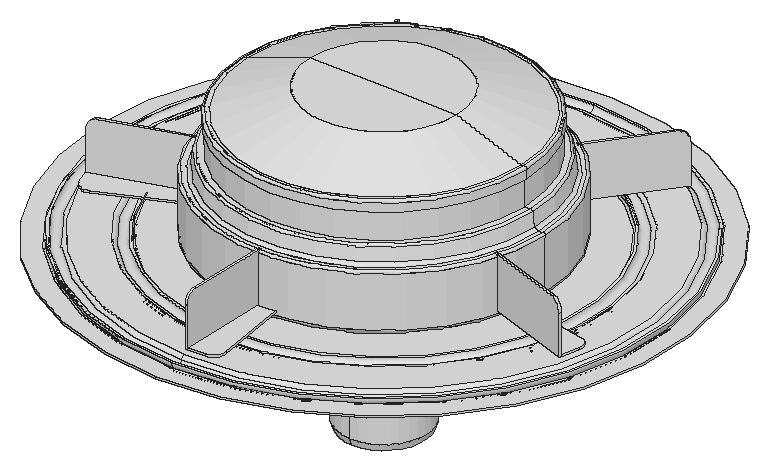
Revit family "Blucher_PlumbingFixture_GravityRoofDrain_408.101a", category Plumbing Fixtures, host Face, Revit 2017
Family settings
  Host = Face
  Round Connector Dimension = Use Diameter
  Part Type = Normal
  OmniClass Number = 23.70.50.21.24
  OmniClass Title = Waste Water Drains
  Cut with Voids When Loaded = No
  Shared = No
  Room Calculation Point = No
Parameters (values of type "75mm")
  _BSBibleVersion = 15
  _DistributedBy = "www.bimstore.co.uk"
  _CurrentRevision = 2
  _CreatedBy = "www.bimstore.co.uk"
  _BimSpecGuid = 0
  _Author = "Ian Holmes"
  WarrantyStartDate [instance] = "Please record on commissioning."
  WarrantyGuarantorParts = "mail@blucher.com"
  WarrantyGuarantorLabor = "n/a"
  WarrantyDurationUnit = "Years"
  WarrantyDurationParts = "n/a"
  WarrantyDurationLabor = "n/a"
  WarrantyDescription = "n/a"
  URL = "http://www.blucher.com/"
  TypeName = Type Comments  # "408.101.075"
  Type Comments = "408.101.075"
  PressureDrop [instance] = 0.0 Pa
  H1 = 117 mm
  H = if(D = 75 mm, 153 mm + H1, if(D = 110 mm, 162 mm + H1, if(D = 125 mm, 172.5 mm + H1, if(D = 160 mm, 184 mm + H1, if(D = 120 mm, 184 mm + H1, 184 mm + H1)))))  # 270 mm
  Flow_Sewer [instance] = 10.8 L/s
  Flow [instance] = 10.8 L/s
  DrainMaterial = Blucher_Stainless Steel
  Description = " "
  SpareParts = "n/a"
  Size = "506mm x 506mm x 75mm"
  Shape = "Rectangular"
  SerialNumber [instance] = "Please record on commissioning."
  ReplacementCost = "n/a"
  ReferencedStandard = "EN1253"
  ProductionYear = "2019"
  NominalLength = 506 mm
  NominalHeight = H  # 270 mm
  NominalDepth = 506 mm
  NBSReference = "90-10-20/302"
  NBSOfficeMasterTag = "n/a"
  NBSObjectName = "BLÜCHER - Gravity rainwater outlets"
  NBSNote = ""
  NBSDescription = "Gravity rainwater outlets"
  ModelReference = Model  # "BLÜCHER Gravity Roof Drain"
  ModelNumber [instance] = "n/a"
  Model = "BLÜCHER Gravity Roof Drain"
  Material = "Available in Stainless Steel AISI 304 & Stainless Steel AISI 316L"
  ManufacturerName = "BLÜCHER"
  Manufacturer = "BLÜCHER"
  Keynote = "R10"
  InstallationDate [instance] = "Please record on commissioning."
  IfcExportType = "IfcWasteTerminalTypeEnum.FLOORWASTE"
  IfcExportAs = "IfcFlowTerminal"
  Grade = "AISI 304/EN 1.4301 or AISI 316L/EN 1.4404"
  Finish = "2B - Pickled"
  Features = "n/a"
  ExpectedLife = 50
  DurationUnit = "Years"
  DocumentationTechnical = "https://www.bimstore.co/products/gravity-roof-drain-408-101/document/technical-data-sheet"
  DocumentationMaintenance = "https://www.bimstore.co/products/gravity-roof-drain-408-101/document/maintenance-information"
  DocumentationLiterature = "https://www.bimstore.co/products/gravity-roof-drain-408-101/document/product-literature"
  DocumentationInstallationGuide = "https://www.bimstore.co/products/gravity-roof-drain-408-101/document/installation-guide"
  DocumentationCertificates = "https://www.bimstore.co/products/gravity-roof-drain-408-101/document/product-certificates"
  Default Elevation = 1219.2 mm
  D = 75 mm
  CreatedOn = "2019-03-27-T09:00:00"
  CreatedBy = "mail@blucher.com"
  Constituents = "n/a"
  Color = "Stainless Steel"
  CodePerformance = "n/a"
  ClassificationValue = "Pr_65_50_35_37"
  ClassificationName = "Uniclass2015"
  BarCode [instance] = "Please record on commissioning."
  BIMObjectName = "Blucher_PlumbingFixture_GravityRoofDrain_408.101"
  AssetType = "Fixed"
  AssetIdentifier [instance] = "Please record on commissioning."
  Assembly Code = "D2040200"
  AccessibilityPerformance = "n/a"
Types (5, lengths in mm): name | _CurrentRevision | TypeName | Type Comments | H | Flow_Sewer | Flow | Size | NominalHeight | D
  (no name) | 2 | "408.101.075" | "408.101.075" | 270 | 10.8 L/s | 10.8 L/s | "506mm x 506mm x 75mm" | 270 | 75
  125mm | 1 | "408.101.125" | "408.101.125" | 289.5 | 14.1 L/s | 14.1 L/s | "506mm x 506mm x 125mm" | 289.5 | 125
  160mm | 1 | "408.101.160" | "408.101.160" | 301 | 14.1 L/s | 14.1 L/s | "506mm x 506mm x 160mm" | 301 | 160
  110mm | 1 | "408.101.110" | "408.101.110" | 279 | 10.9 L/s | 10.9 L/s | "506mm x 506mm x 110mm" | 279 | 110
  75mm | 2 | "408.101.075" | "408.101.075" | 270 | 10.8 L/s | 10.8 L/s | "506mm x 506mm x 75mm" | 270 | 75
Reference planes
  plane 1 "Center (Front/Back)": y = 0
  plane 2: z = 0
  plane 3 "Center (Left/Right)": x = 0
  plane 4: z = -153
  plane 5: z = 117
Forms (mm)
  Extrusion 1, void
    sketch origin (0, 0, 0) x (1, 0, 0) y (0, 1, 0)
      loop
        circle (0, 0) r 253
    from -153 to 117
Lines and regions (mm)
  reference lines
    curve 1: line (0, 0, 0) -> (0, 0, -153)
Dimensions and locks
  "H": plane 5 to plane 4
  "H1": plane 5 to plane 2
  aligned and locked: plane 2 to host face
  aligned and locked: level to host face
  aligned and locked: plane 5 to Extrusion 1
  aligned and locked: Extrusion 1 to plane 4
  aligned and locked: plane 4 to curve 1
  aligned and locked: plane 2 to curve 1
  aligned and locked: curve 1 to plane 3 "Center (Left/Right)"
  aligned and locked: plane 1 "Center (Front/Back)" to nested 3
  aligned and locked: plane 3 "Center (Left/Right)" to nested 3
  aligned and locked: plane 1 "Center (Front/Back)" to nested 2
  aligned and locked: plane 3 "Center (Left/Right)" to nested 2
Automatic sketch dimensions
  host sketch curve to host sketch curve = 2438.4 mm  (x2)
  plane 1 "Center (Front/Back)" to Extrusion 1 sketch curve = 0 mm
  Extrusion 1 sketch curve to plane 3 "Center (Left/Right)" = 0 mm
  radius of Extrusion 1 sketch curve = 253 mm
Nested families
  nested 1: "WaterTraps_NotVisable" at (-1080.773, -1219.2, -89.9) x (1, 0, 0) z (0, -1, 0), type "WaterTraps_NotVisable"
  nested 2: "UP_408.000.000" at (0, 0, 0), type "UP_408.000.000"
  nested 3: "LP_V_408.101" at (0, 0, -153), type "160"
    with Rad 37.5 mm, height 153 mm, Dia 75 mm
Connectors
  piping at (0, 0, -153), diameter 75, driven by "D", driven by "Flow", driven by "PressureDrop"
    settings: on curve 1, index 1, connector inside diameter 609.6 mm, connector length 0 mm, flow factor 0, pipe flow 10.8 L/s, pressure drop 0.0 Pa, fitting loss kfactor 0, connector angle 0.00°, fixture units 0, engagement length 0 mm, angle of deflection 0.00°, flow configuration 2, flow direction 2, fitting loss method 4, system type 16, joint type 0, gender type 0, connector reference index -1, connector utility 0, adjustable connector yes, is connector primary yes, connector description ""
Definition of nested family "UP_408.000.000"
  Parameters (values of type "UP_408.000.000")
    Material = none
    Default Elevation = 1219.2 mm
  Reference planes
    plane 1 "Center (Front/Back)": y = 0
    plane 2: z = 0
    plane 3 "Center (Left/Right)": x = 0
  Forms (mm)
    Extrusion 1, solid
      sketch origin (0, 0, 0) x (1, 0, 0) y (0, 1, 0)
        loop
          line (-1219.2, 1219.2) -> (-1219.2, -1219.2) -> (1219.2, -1219.2) -> (1219.2, 1219.2) -> (-1219.2, 1219.2)
      from 0 to -304.8
    Revolve 2, solid, material <- "Material", detail levels medium+fine
      sketch origin (0, 0, 0) x (1, 0, 0) y (0, 0, 1)
        loop
          line (-126.5, 88) -> (-125.5, 88) -> (-125.5, 94.972)
          arc (-125.5, 94.972) -> (-125.199, 95.699) -> (-124.472, 96) r 1.028
          line (-124.472, 96) -> (-121.328, 96) -> (-64.742, 116) -> (0, 116) -> (0, 117) -> (-64.913, 117) -> (-121.5, 97) -> (-124.455, 97)
          arc (-124.455, 97) -> (-125.901, 96.401) -> (-126.5, 94.955) r 2.045
          line (-126.5, 94.955) -> (-126.5, 88)
        axis (0, 117) -> (0, 88)
      angle from 0 to 360
    Revolve 3, solid, material <- "Material", detail levels medium+fine
      sketch origin (0, 0, 0) x (1, 0, 0) y (0, 0, 1)
        loop
          line (-125, 95) -> (-125, 64.99) -> (-130.377, 64.99)
          arc (-130.377, 64.99) -> (-131.663, 64.522) -> (-132.347, 63.337) r 2
          line (-132.347, 63.337) -> (-134.276, 52.4)
          arc (-134.276, 52.4) -> (-135.302, 50.623) -> (-137.23, 49.921) r 3
          line (-137.23, 49.921) -> (-141.109, 49.921)
          arc (-141.109, 49.921) -> (-142.523, 49.335) -> (-143.109, 47.921) r 2
          line (-143.109, 47.921) -> (-143.109, 3)
          arc (-143.109, 3) -> (-142.23, 0.879) -> (-140.109, 0) r 3
          line (-140.109, 0) -> (0, 0) -> (0, 95) -> (-125, 95)
        axis (0, 95) -> (0, 0)
      angle from 0 to 360
    Extrusion 4, solid, material <- "Material", detail levels fine
      sketch origin (0, 0, 0) x (1, 0, 0) y (0, 1, 0)
        loop
          line (26.439, -208.161) -> (17.785, -141.809)
          arc (17.785, -141.809) -> (9.908, -142.576) -> (2, -142.906) r 142.92
          line (2, -142.906) -> (2, -220.449) -> (17.191, -219.432)
          arc (17.191, -219.432) -> (24.253, -215.797) -> (26.439, -208.161) r 10
      from 5 to 6.5
    Extrusion 5, solid, material <- "Material", detail levels fine
      sketch origin (0, 0, 0) x (0, 1, 0) y (0, 0, 1)
        loop
          arc (-210.392, 49.921) -> (-217.463, 46.992) -> (-220.392, 39.921) r 10
          line (-220.392, 39.921) -> (-220.392, 5) -> (-139.408, 5) -> (-139.408, 49.921) -> (-210.392, 49.921)
      from 0 to 2
    Extrusion 6, solid, material <- "Material", detail levels fine
      sketch origin (0, 0, 0) x (0.308564, 0.951204, 0) y (-0.951204, 0.308564, 0)
        loop
          line (26.439, -208.161) -> (17.785, -141.809)
          arc (17.785, -141.809) -> (9.908, -142.576) -> (2, -142.906) r 142.92
          line (2, -142.906) -> (2, -220.449) -> (17.191, -219.432)
          arc (17.191, -219.432) -> (24.253, -215.797) -> (26.439, -208.161) r 10
      from 5 to 6.5
    Extrusion 7, solid, material <- "Material", detail levels fine
      sketch origin (0, 0, 0) x (-0.951204, 0.308564, 0) y (0, 0, 1)
        loop
          arc (-210.392, 49.921) -> (-217.463, 46.992) -> (-220.392, 39.921) r 10
          line (-220.392, 39.921) -> (-220.392, 5) -> (-139.408, 5) -> (-139.408, 49.921) -> (-210.392, 49.921)
      from 0 to 2
    Extrusion 8, solid, material <- "Material", detail levels fine
      sketch origin (0, 0, 0) x (-0.809087, 0.587689, 0) y (-0.587689, -0.809087, 0)
        loop
          line (26.439, -208.161) -> (17.785, -141.809)
          arc (17.785, -141.809) -> (9.908, -142.576) -> (2, -142.906) r 142.92
          line (2, -142.906) -> (2, -220.449) -> (17.191, -219.432)
          arc (17.191, -219.432) -> (24.253, -215.797) -> (26.439, -208.161) r 10
      from 5 to 6.5
    Extrusion 9, solid, material <- "Material", detail levels fine
      sketch origin (0, 0, 0) x (-0.587689, -0.809087, 0) y (0, 0, 1)
        loop
          arc (-210.392, 49.921) -> (-217.463, 46.992) -> (-220.392, 39.921) r 10
          line (-220.392, 39.921) -> (-220.392, 5) -> (-139.408, 5) -> (-139.408, 49.921) -> (-210.392, 49.921)
      from 0 to 2
    Extrusion 10, solid, material <- "Material", detail levels fine
      sketch origin (0, 0, 0) x (-0.808903, -0.587942, 0) y (0.587942, -0.808903, 0)
        loop
          line (26.439, -208.161) -> (17.785, -141.809)
          arc (17.785, -141.809) -> (9.908, -142.576) -> (2, -142.906) r 142.92
          line (2, -142.906) -> (2, -220.449) -> (17.191, -219.432)
          arc (17.191, -219.432) -> (24.253, -215.797) -> (26.439, -208.161) r 10
      from 5 to 6.5
    Extrusion 11, solid, material <- "Material", detail levels fine
      sketch origin (0, 0, 0) x (0.587942, -0.808903, 0) y (0, 0, 1)
        loop
          arc (-210.392, 49.921) -> (-217.463, 46.992) -> (-220.392, 39.921) r 10
          line (-220.392, 39.921) -> (-220.392, 5) -> (-139.408, 5) -> (-139.408, 49.921) -> (-210.392, 49.921)
      from 0 to 2
    Extrusion 12, solid, material <- "Material", detail levels fine
      sketch origin (0, 0, 0) x (0.309062, -0.951042, 0) y (0.951042, 0.309062, 0)
        loop
          line (26.439, -208.161) -> (17.785, -141.809)
          arc (17.785, -141.809) -> (9.908, -142.576) -> (2, -142.906) r 142.92
          line (2, -142.906) -> (2, -220.449) -> (17.191, -219.432)
          arc (17.191, -219.432) -> (24.253, -215.797) -> (26.439, -208.161) r 10
      from 5 to 6.5
    Extrusion 13, solid, material <- "Material", detail levels fine
      sketch origin (0, 0, 0) x (0.951042, 0.309062, 0) y (0, 0, 1)
        loop
          arc (-210.392, 49.921) -> (-217.463, 46.992) -> (-220.392, 39.921) r 10
          line (-220.392, 39.921) -> (-220.392, 5) -> (-139.408, 5) -> (-139.408, 49.921) -> (-210.392, 49.921)
      from 0 to 2
    Revolve 14, solid, material <- "Material", detail levels coarse
      sketch origin (0, 0, 0) x (1, 0, 0) y (0, 0, 1)
        loop
          line (0, 117) -> (0, 0) -> (125, 0) -> (125, 117) -> (0, 117)
        axis (0, 117) -> (0, 0)
      angle from 0 to 360
  Cuts and joins
    joined: Extrusion 4, Extrusion 5, Extrusion 6, Extrusion 7, Extrusion 8, Extrusion 9, Extrusion 10, Extrusion 11, Extrusion 12, Extrusion 13
    joined: Revolve 2, Revolve 3
  Dimensions and locks
    aligned and locked: plane 2 to Extrusion 1
    aligned and locked: level to Extrusion 1
Definition of nested family "LP_V_408.101"
  Parameters (values of type "160")
    Rad = Dia / 2  # 62.5 mm
    height = if(Dia = 75 mm, 153 mm, if(Dia = 110 mm, 162 mm, if(Dia = 125 mm, 172.5 mm, if(Dia = 160 mm, 184 mm, if(Dia = 120 mm, 184 mm, 184 mm)))))  # 172.5 mm
    Fitting = none
    Dia = 125 mm
    Default Elevation = 1219.2 mm
  Reference planes
    plane 1 "Center (Front/Back)": y = 0
    plane 2: z = 0
    plane 3 "Center (Left/Right)": x = 0
    plane 4: z = 169.5
    plane 5: z = 172.5
    plane 6: z = 84.5
    plane 7: z = 5.991
    plane 8: y = 62.5
    plane 9: y = -62.5
  Forms (mm)
    Extrusion 1, solid
      sketch origin (0, 0, 0) x (1, 0, 0) y (0, 1, 0)
        loop
          line (-1219.2, 1219.2) -> (-1219.2, -1219.2) -> (1219.2, -1219.2) -> (1219.2, 1219.2) -> (-1219.2, 1219.2)
      from 0 to -304.8
    Revolve 2, solid, material <- "Fitting", detail levels medium+fine
      sketch origin (0, 0, 0) x (0, 1, 0) y (0, 0, 1)
        loop
          line (62.5, 84.5) -> (0, 84.5) -> (0, 0) -> (60.32, 0) -> (62.5, 5.991) -> (62.5, 84.5)
        axis (0, 84.5) -> (0, 0)
      angle from 0 to 360
    Sweep 3, solid, material <- "Fitting", detail levels medium+fine
      path origin (0, 253.25, 172.5) x (0, 1, 0) y (-1, 0, 0)
        loop
          circle (-253.25, 0) r 235
      profile origin (0, 235, 172.5) x (0, -1, 0) y (0, 0, 1)
        loop
          line (45.726, 0) -> (14.274, 0)
          arc (14.274, 0) -> (12.108, -0.637) -> (10.632, -2.346) r 4
          arc (10.632, -2.346) -> (5.331, -4.836) -> (2.026, 0) r 4.518
          line (2.026, 0) -> (0.018, 0)
          arc (0.018, 0) -> (4.907, -6.793) -> (12.453, -3.173) r 6.518
          arc (12.453, -3.173) -> (13.181, -2.325) -> (14.249, -2) r 2
          line (14.249, -2) -> (45.751, -2)
          arc (45.751, -2) -> (46.819, -2.325) -> (47.547, -3.173) r 2
          arc (47.547, -3.173) -> (55.093, -6.793) -> (59.981, 0) r 6.518
          line (59.981, 0) -> (57.974, 0)
          arc (57.974, 0) -> (54.669, -4.836) -> (49.368, -2.346) r 4.518
          arc (49.368, -2.346) -> (47.892, -0.637) -> (45.726, 0) r 4
    Sweep 4, solid, material <- "Fitting", detail levels medium+fine
      path origin (0, 253.25, 169.5) x (0, 1, 0) y (-1, 0, 0)
        loop
          circle (-253.25, 0) r 253
      profile origin (-253, 0, 169.5) x (1, 0, 0) y (0, 0, 1)
        loop
          line (0, 0) -> (0, -1.5) -> (16.302, -1.5)
          arc (16.302, -1.5) -> (16.924, -1.645) -> (17.419, -2.048) r 1.413
          arc (17.419, -2.048) -> (24.491, -5.524) -> (31.571, -2.065) r 8.954
          arc (31.571, -2.065) -> (32.119, -1.631) -> (32.805, -1.5) r 1.469
          line (32.805, -1.5) -> (63.344, -1.5)
          arc (63.344, -1.5) -> (63.949, -1.664) -> (64.429, -2.065) r 1.469
          arc (64.429, -2.065) -> (71.509, -5.524) -> (78.581, -2.048) r 8.954
          arc (78.581, -2.048) -> (79.076, -1.645) -> (79.698, -1.5) r 1.413
          line (79.698, -1.5) -> (116.967, -1.5) -> (116.967, 0) -> (79.698, 0)
          arc (79.698, 0) -> (78.415, -0.298) -> (77.394, -1.131) r 2.913
          arc (77.394, -1.131) -> (71.507, -4.024) -> (65.613, -1.145) r 7.454
          arc (65.613, -1.145) -> (64.622, -0.324) -> (63.376, 0) r 2.969
          line (63.376, 0) -> (32.837, 0)
          arc (32.837, 0) -> (31.474, -0.277) -> (30.387, -1.145) r 2.969
          arc (30.387, -1.145) -> (24.493, -4.024) -> (18.606, -1.131) r 7.454
          arc (18.606, -1.131) -> (17.585, -0.298) -> (16.302, 0) r 2.913
          line (16.302, 0) -> (0, 0)
    Revolve 5, solid, material <- "Fitting", detail levels medium+fine
      sketch origin (0, 0, 0) x (0, 1, 0) y (0, 0, 1)
        loop
          line (136.033, 169.5) -> (0, 169.5) -> (0, 84.5) -> (65.526, 84.5) -> (107.437, 89.646)
          arc (107.437, 89.646) -> (119.979, 96.245) -> (125, 109.497) r 20
          line (125, 109.497) -> (125, 124.287)
          arc (125, 124.287) -> (125.971, 129.117) -> (128.734, 133.197) r 12.5
          arc (128.734, 133.197) -> (134.135, 141.174) -> (136.033, 150.619) r 24.439
          line (136.033, 150.619) -> (136.033, 156.695)
          arc (136.033, 156.695) -> (135.147, 163.097) -> (136.033, 169.5) r 23.563
        axis (0, 169.5) -> (0, 84.5)
      angle from 0 to 360
    Revolve 6, solid, material <- "Fitting", detail levels coarse
      sketch origin (0, 0, 0) x (1, 0, 0) y (0, 0, 1)
        loop
          line (-253, 169.5) -> (0, 169.5) -> (0, 172.5) -> (-253, 172.5) -> (-253, 169.5)
        axis (0, 169.5) -> (0, 172.5)
      angle from 0 to 360
    Revolve 7, solid, material <- "Fitting", detail levels coarse
      sketch origin (0, 0, 0) x (1, 0, 0) y (0, 0, 1)
        loop
          line (-62.5, 84.5) -> (-62.5, 0) -> (0, 0) -> (0, 169.5) -> (-133.533, 169.5) -> (-133.533, 84.5) -> (-62.5, 84.5)
        axis (0, 0) -> (0, 169.5)
      angle from 0 to 360
  Dimensions and locks
    locked: plane 5 to plane 4 at 3
    locked: plane 5 to plane 6 at 88
    locked: plane 7 to plane 2 at 5.991
    equal spacing: plane 8, plane 1 "Center (Front/Back)", plane 9
    "Dia": plane 8 to plane 9
    "height": plane 5 to plane 2
    locked: plane 3 "Center (Left/Right)" to Sweep 4 sketch curve at 136.033
    Revolve 5 sketch curve to Revolve 5 sketch curve to plane 8 = 11.033 mm locked, 62.5 mm locked
    "Rad": plane 3 "Center (Left/Right)" to Revolve 7 sketch curve
    radius of Revolve 5 sketch curve = 24.439 mm
    radius of Revolve 5 sketch curve = 23.563 mm
    radius of Revolve 5 sketch curve = 20 mm
    radius of Revolve 5 sketch curve = 12.5 mm
    locked: plane 8 to Revolve 2 sketch curve (angle 20.00°)
    locked: Revolve 5 sketch curve to plane 6 (angle 7.00°)
    aligned and locked: plane 2 to Extrusion 1
    aligned and locked: level to Extrusion 1
    aligned and locked: plane 6 to Revolve 2 sketch curve
    aligned and locked: plane 8 to Revolve 2 sketch curve
    aligned and locked: plane 1 "Center (Front/Back)" to Revolve 2 sketch curve
    aligned and locked: plane 2 to Revolve 2 sketch curve
    aligned and locked: plane 7 to Revolve 2 sketch curve
    aligned and locked: Revolve 2 sketch curve to plane 1 "Center (Front/Back)"
    aligned and locked: plane 6 to Revolve 5 sketch curve
    aligned and locked: Revolve 5 sketch curve to plane 1 "Center (Front/Back)"  (x2)
    aligned and locked: Revolve 5 sketch curve to plane 4
    aligned and locked: plane 6 to Revolve 7 sketch curve
    aligned and locked: Revolve 7 sketch curve to plane 4
    aligned and locked: plane 3 "Center (Left/Right)" to Revolve 7 sketch curve
    aligned and locked: Revolve 7 sketch curve to plane 3 "Center (Left/Right)"
    aligned and locked: plane 5 to Revolve 6 sketch curve
    aligned and locked: Revolve 6 sketch curve to plane 4
    aligned and locked: plane 3 "Center (Left/Right)" to Revolve 6 sketch curve  (x2)
    aligned and locked: Revolve 7 sketch curve to plane 2
  Automatic sketch dimensions
    Extrusion 1 sketch curve to Extrusion 1 sketch curve = 2438.4 mm  (x2)
    Revolve 2 sketch curve to Revolve 2 sketch curve = 30 mm  (x2)
    plane 1 "Center (Front/Back)" to Sweep 3 sketch curve = 0 mm
    Sweep 3 sketch curve to plane 3 "Center (Left/Right)" = 0 mm
    Sweep 3 sketch curve to plane 5 = 0 mm  (x3)
    Sweep 3 sketch curve to plane 5 = 0.477 mm  (x2)
    Sweep 3 sketch curve to plane 5 = 4 mm
    Sweep 3 sketch curve to Sweep 3 sketch curve = 31.452 mm
    Sweep 3 sketch curve to profile plane = 0.018 mm
    Sweep 3 sketch curve to Sweep 3 sketch curve = 0.025 mm  (x2)
    Sweep 3 sketch curve to Sweep 3 sketch curve = 2 mm
    Sweep 3 sketch curve to Sweep 3 sketch curve = 0 mm  (x8)
    Sweep 3 sketch curve to Sweep 3 sketch curve = 2.008 mm  (x2)
    Sweep 3 sketch curve to Sweep 3 sketch curve = 1.821 mm  (x4)
    Sweep 3 sketch curve to plane 5 = 2 mm
    plane 1 "Center (Front/Back)" to Sweep 4 sketch curve = 0 mm
    Sweep 4 sketch curve to plane 3 "Center (Left/Right)" = 0 mm
    Sweep 4 sketch curve to Sweep 4 sketch curve = 0 mm  (x16)
    Sweep 4 sketch curve to plane 4 = 0 mm  (x3)
    profile plane to Sweep 4 sketch curve = 0 mm
    Sweep 4 sketch curve to plane 4 = 2.913 mm  (x2)
    Sweep 4 sketch curve to profile plane = 16.302 mm
    plane 4 to Sweep 4 sketch curve = 3.43 mm  (x2)
    Sweep 4 sketch curve to Sweep 4 sketch curve = 8.2 mm  (x2)
    Sweep 4 sketch curve to plane 4 = 2.967 mm  (x2)
    Sweep 4 sketch curve to Sweep 4 sketch curve = 8.229 mm
    Sweep 4 sketch curve to Sweep 4 sketch curve = 0.075 mm  (x2)
    Sweep 4 sketch curve to Sweep 4 sketch curve = 0.032 mm  (x2)
    Sweep 4 sketch curve to Sweep 4 sketch curve = 30.464 mm
    Sweep 4 sketch curve to Sweep 4 sketch curve = 8.122 mm
    Sweep 4 sketch curve to plane 4 = 1.5 mm  (x2)
    Sweep 4 sketch curve to Sweep 4 sketch curve = 1.467 mm
    Revolve 5 sketch curve to plane 8 = 3.026 mm
    plane 6 to Revolve 5 sketch curve = 5.146 mm
    Revolve 5 sketch curve to Revolve 5 sketch curve = 0 mm  (x2)
    Revolve 5 sketch curve to plane 4 = 6.403 mm
    Revolve 5 sketch curve to Revolve 5 sketch curve = 6.076 mm
    plane 5 to Revolve 5 sketch curve = 267 mm
    Revolve 5 sketch curve to Revolve 5 sketch curve = 65 mm
    Revolve 6 sketch curve to Revolve 6 sketch curve = 253 mm
    Revolve 6 sketch curve to Revolve 6 sketch curve = 10 mm
    Revolve 6 sketch curve to Revolve 6 sketch curve = 17.157 mm
    Revolve 7 sketch curve to Revolve 7 sketch curve = 71.033 mm
    plane 5 to Revolve 7 sketch curve = 19.88 mm
    Revolve 7 sketch curve to Revolve 7 sketch curve = 10 mm
    radius of Sweep 3 sketch curve = 235 mm
    radius of Sweep 4 sketch curve = 253 mm
Definition of nested family "WaterTraps_NotVisable"
  Parameters (values of type "WaterTraps_NotVisable")
    WaterTrapMaterial [instance] = none
    Default Elevation = 1219.2 mm
  Reference planes
    plane 1 "Center (Front/Back)": y = 0
    plane 2: z = 0
    plane 3 "Center (Left/Right)": x = 0
  Forms (mm)
    Extrusion 1, solid
      sketch origin (0, 0, 0) x (1, 0, 0) y (0, 1, 0)
        loop
          line (-1219.2, 1219.2) -> (-1219.2, -1219.2) -> (1219.2, -1219.2) -> (1219.2, 1219.2) -> (-1219.2, 1219.2)
      from 0 to -304.8
  Dimensions and locks
    aligned and locked: plane 2 to Extrusion 1
    aligned and locked: level to Extrusion 1
